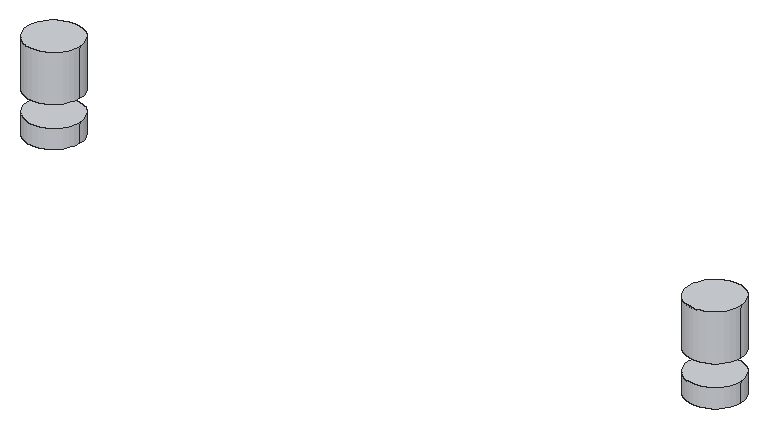
Revit family "QF_BOURGEAT_Transtherm_Fours_sur_pieds_15GN1_1", category Equipement spécialisé, Revit 2015
Parameters (values of type "892915 + 897500")
  URL catalogue = "http://www.bourgeat.fr/fr/"
  URL = ""
  Type_de_modele = 892915 + 897500 : 892915 + 897500
  Type de Raccord Electrique = ""
  Type article = ""
  Tension = 400 V
  Spécification du Fabricant = "TRANS'THERM"
  Remarques Electricité = ""
  Puissance électrique  = 13500 W
  Profondeur hors tout = 1835 mm
  Poids net à vide = 95.00 kg
  Phase = 3
  Nature isolant = "Laine_de_roche(60mm)"
  Modèle = "892915 + 897500"
  Longueur hors tout = 720 mm
  Intensité nominale = 33.75 A
  Indice de protection = "IP25"
  Hauteur hors tout = 682 mm
  Fréquence = 50 Hz
  Fabricant = "BOURGEAT"
  Contact SAV = "0033 (0)4.76.32.14.44"
  Consommation énergétique = "9.1Kwh/h"
  Charge max = 60.00 kg
  Certification = "NF alimentaire"
Types (5, lengths in mm): name | Type_de_modele | Modèle
  (no name) | 892915 + 897500 : 892915 + 897500 | "892915 + 897500"
  892215 | 892215 : 892215 | "892215"
  892215 + 897500 | 892215 + 897500 : 892215 + 897500 | "892215 + 897500"
  892915 | 892915 : 892915 | "892915"
  892915 + 897500 | 892915 + 897500 : 892915 + 897500 | "892915 + 897500"
Reference planes
  plane 1 "Centre (avant/arrière)": y = 0
  plane 2: z = 0
  plane 3 "Centre (gauche/droite)": x = 0
Forms (mm)
  Extrusion 1, solid
    sketch origin (0, 0, 0) x (1, 0, 0) y (0, 1, 0)
      loop
        circle (-190, -90) r 15
      loop
        circle (190, -90) r 15
    from 290.381 to 301
Dimensions and locks
  aligned and locked: level to plane 2
Nested families
  nested 1: "892915 + 897500" at (0, 0, -1), type <- "Type_de_modele", type "892915 + 897500"
Connectors
  electrical at (190, -90, 290.381)
    settings: on Extrusion 1, index 1, voltage 0 V, apparent load 0 VA, apparent load phase1 0 VA, apparent load phase2 0 VA, apparent load phase3 0 VA, power factor 1, load classification "Autre", number of poles 1, system type 30, power factor state 1, is connector primary yes, connector utility no, sub classification motor no, connector description ""
  piping at (-190, -90, 290.381), diameter 609.6
    settings: on Extrusion 1, index 2, connector inside diameter 609.6 mm, connector length 0 mm, flow factor 0, pipe flow 0.0 L/s, pressure drop 0.0 Pa, fitting loss kfactor 0, connector angle 0.00°, fixture units 0, engagement length 0 mm, angle of deflection 0.00°, flow configuration 0, flow direction 0, fitting loss method 0, system type 7, joint type 0, gender type 0, connector reference index -1, connector utility 0, adjustable connector no, is connector primary yes, connector description ""
Definition of nested family "892915 + 897500"
  Parameters (values of type "892915 + 897500")
    URL_page_produit = "http://www.bourgeat.fr/fr/"
    URL_fiche_technique = "à venir"
    URL_SAV = "à venir"
    URL = "http://www.bourgeat.fr/fr/"
    Type_de_raccordement = ""
    Tension = 400 V
    Puissance_electrique = 13500 W
    Protection_appareil = ""
    Profondeur_hors_tout = 720 mm
    Poids = "95Kg"
    Nombre_pole = 1
    Niveau_sonore = ""
    Nature_isolant = "Laine_de_roche(60mm)"
    Model = "Trans'therm"
    Largeur_hors_tout = 682 mm
    Intensite = Puissance_electrique / Tension  # 33.75 A
    Indice_protection = ""
    Hauteur_hors_tout = 1835 mm
    Frequence = "50/60Hz"
    Manufacturer = "BOURGEAT"
    Contact_SAV = "0033 (0)4.76.32.14.44"
    Consommation_energetique = "9.1Kwh"
    Code_article = "892915 + 897500"
    Classe_energetique = ""
    Classe_climatique = ""
    Charge_maximum = "60Kg"
    Certification = "NF alimentaire"
  Reference planes
    plane 1 "Centre (avant/arrière)": y = 0
    plane 2: z = 0
    plane 3 "Centre (gauche/droite)": x = 0
    plane 4: x = -190
    plane 5: x = 190
    plane 6: y = -90
    plane 7: y = -90
    plane 8: z = 341
    plane 9: z = 0
    plane 10: x = 0
  Forms (mm)
    Extrusion 1, solid
      sketch origin (0, 0, 0) x (1, 0, 0) y (0, 1, 0)
        loop
          circle (-190, -90) r 15
        loop
          circle (190, -90) r 15
      from 314.519 to 341
  Lines and regions (mm)
    symbolic lines
      curve 1: line (-339, -717.8, 0) -> (-339, -1396.8, 0)
      curve 2: arc (-339, -1396.8, 0) -> (141.126, -1197.926, 0) -> (340, -717.8, 0) r 679
  Dimensions and locks
    locked: plane 4 to plane 5 at 380
    equal spacing: plane 4, plane 3 "Centre (gauche/droite)", plane 5, locked at 190 each
    locked: plane 6 to plane 1 "Centre (avant/arrière)" at 90
    locked: plane 7 to plane 1 "Centre (avant/arrière)" at 90
    plane 8 to plane 2 = 341 mm
    plane 10 to import instance = 342 mm
    aligned and locked: level to plane 2
    aligned and locked: plane 5 to Extrusion 1 sketch curve
    aligned and locked: plane 6 to Extrusion 1 sketch curve  (x2)
    aligned and locked: Extrusion 1 to plane 8
    aligned and locked: plane 2 to plane 9
    aligned and locked: plane 3 "Centre (gauche/droite)" to plane 10
    aligned and locked: import instance to plane 1 "Centre (avant/arrière)"
    aligned and locked: import instance to plane 2
  Automatic sketch dimensions
    Extrusion 1 sketch curve to plane 4 = 0 mm
    curve 2 to plane 4 = 149 mm
    curve 2 to plane 7 = 627.8 mm
    plane 5 to curve 2 = 150 mm
    curve 1 to curve 2 = 0 mm
    radius of Extrusion 1 sketch curve = 15 mm  (x2)
